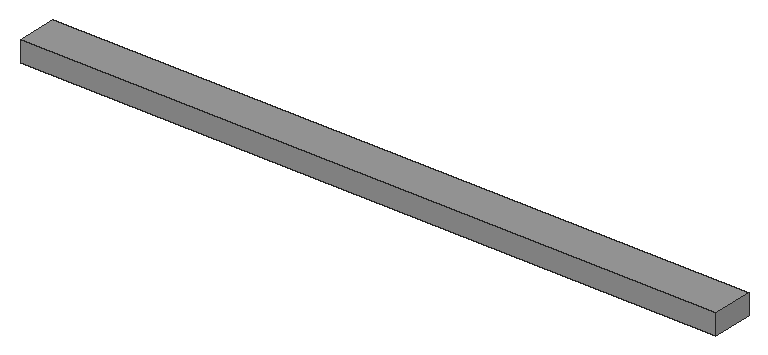
Revit family "EFSteelStrap", category Structural Framing, Revit 2020
Family settings
  Structural Framing Length Roundoff = 0' - 0"
  Section Shape = Not Defined
  Material for Model Behavior = Steel
  Always export as geometry = No
  OmniClass Number = 23.25.30.11.14.14
  OmniClass Title = Beams
  Always vertical = Yes
  Cut with Voids When Loaded = No
  Symbolic Representation = From Project Settings
  Shared = No
  Show family pre-cut in plan views = Yes
Parameters (values of type "4X2 EFSill")
  Type Comments = "2x4"
  Structural Material = Default
  Pipeline = "2x4"
  Description = "Dimension Lumber"
  A = 5.25 in²
  Assembly Code = "B10"
  Length [instance] = 5' - 0"
  b = 0' - 3 1/2"
  d = 0' - 1 3/4"
Types (5): name | Structural Material | b | d
  2x4 RIM Board | none | 0' - 1 1/2" | 0' - 3 1/2"
  4X2 Rim Board | none | 0' - 3 1/2" | 0' - 1 1/2"
  4X10 Rim Board | none | 0' - 3 1/2" | 0' - 7"
  4X2 EF | none | 0' - 3 1/2" | 0' - 2"
  4X2 EFSill | Default | 0' - 3 1/2" | 0' - 1 3/4"
Reference planes (in)
  plane 1 "Center (Front/Back)": y = 0
  plane 2: z = 0
  plane 3 "Center (Left/Right)": x = 0.1815
  plane 4: y = 1.75
  plane 5: y = -1.75
  plane 6: z = 0.875
  plane 7: z = -0.875
  plane 8 "Left": x = -29.8185
  plane 9 "Right": x = 30.1815
Forms (in)
  Sweep 1, solid, material "Default" <- "Structural Material", detail levels medium+fine
    path origin (0, 0, 0) x (1, 0, 0) y (0, 1, 0)
      loop
        line (30.1815, 0) -> (-29.8185, 0)
    profile "Rectangular Wood Beam-Profile : Rectangular Wood Beam-Profile" origin (0.1815, 0, 0) x (0, -1, 0) y (0, 0, 1)
      loop
        line (-1.75, -0.875) -> (1.75, -0.875) -> (1.75, 0.875) -> (-1.75, 0.875) -> (-1.75, -0.875)
Lines and regions (in)
  symbolic lines, style "Stick Symbols", detail levels coarse
    curve 1: line (0.1815, 1.75, 0.875) -> (0.1815, -1.75, 0.875)
    curve 2: line (0.1815, -1.75, -0.875) -> (0.1815, 1.75, -0.875)
    curve 3: line (0.1815, -1.75, 0.875) -> (0.1815, -1.75, -0.875)
    curve 4: line (0.1815, 1.75, -0.875) -> (0.1815, 1.75, 0.875)
  symbolic lines, style "Stick Symbols", detail levels medium
    curve 5: line (-29.8185, 0, 0.875) -> (30.1815, 0, 0.875)
Dimensions and locks (in)
  "b": plane 4 to plane 5
  "d": plane 7 to plane 6
  equal spacing: plane 7, plane 2, plane 6
  equal spacing: plane 4, plane 1 "Center (Front/Back)", plane 5
  "Length": plane 8 "Left" to plane 9 "Right"
  aligned and locked: Sweep 1 sketch curve to plane 1 "Center (Front/Back)"
  aligned and locked: curve 1 to Sweep 1
  aligned and locked: curve 2 to Sweep 1
  aligned and locked: curve 3 to Sweep 1
  aligned and locked: curve 4 to Sweep 1
  aligned and locked: plane 1 "Center (Front/Back)" to curve 5
Automatic sketch dimensions
  curve 5 to Sweep 1 = 0' - 0"  (x2)
  Sweep 1 sketch curve to plane 8 "Left" = 0' - 0"
  Sweep 1 sketch curve to plane 9 "Right" = 0' - 0"
